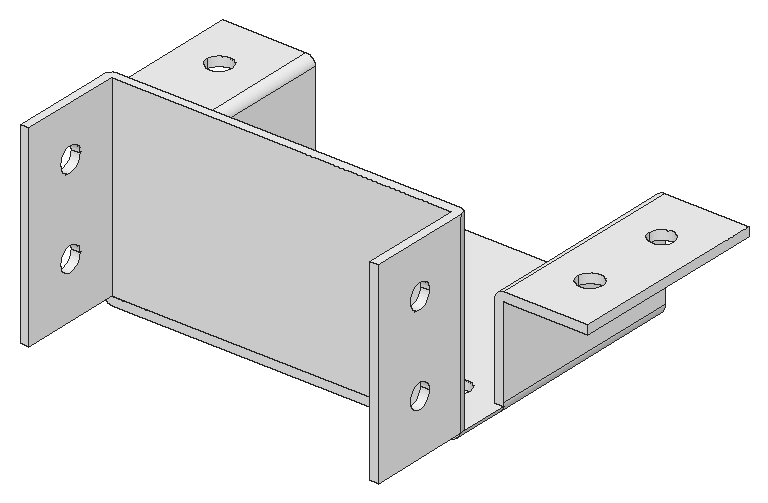
Revit family "幕張用4060連結金具", category 機械設備, Revit 2020
Family settings
  丸型コネクタ寸法 = 直径を使用
  種別 = なし
  パーツ タイプ = 標準
  作業面ベース = いいえ
  常に垂直 = はい
  ロード時にボイドで切り取り = いいえ
  共有 = いいえ
  部屋計算ポイント = いいえ
Parameters
  製造元 = "株式会社桐井製作所"
  既定の高さ = 0 mm
  URL = "https://www.kirii.co.jp/"
  K_名称 = "幕張用4060連結金具"
  K_バージョン情報 = "20230413"
Reference planes
  plane 1 "中心(正面/背面)": y = 0
  plane 2: z = 0
  plane 3 "中心(左/右)": x = 0
Forms (mm)
  Extrusion 1, solid
    sketch origin (-0.269, 0, 0) x (-1, 0, 0) y (0, -1, 0)
      loop
        line (30.231, 1.6) -> (-30.769, 1.6) -> (-30.769, 20) -> (-32.369, 20) -> (-32.369, 1.6)
        arc (-32.369, 1.6) -> (-31.9, 0.469) -> (-30.769, 0) r 1.6
        line (-30.769, 0) -> (30.231, 0)
        arc (30.231, 0) -> (31.363, 0.469) -> (31.831, 1.6) r 1.6
        line (31.831, 1.6) -> (31.831, 20) -> (30.231, 20) -> (30.231, 1.6)
    from 1.6 to 36.6
  Extrusion 2, void
    sketch origin (32.434, -22.901, -16.907) x (0, 1, 0) y (0, 0, -1)
      loop
        circle (12.101, -44.507) r 2.25
      loop
        circle (12.101, -28.507) r 2.25
    from 0.334 to 1.934
  Extrusion 3, void
    sketch origin (-30.166, -22.901, -16.907) x (0, 1, 0) y (0, 0, -1)
      loop
        circle (12.101, -44.507) r 2.25
      loop
        circle (12.101, -28.507) r 2.25
    from 0.334 to 1.934
  Extrusion 4, solid
    sketch origin (0, 0, 0) x (1, 0, 0) y (0, 0, 1)
      loop
        line (-47.1, 20) -> (-47.1, 18.4) -> (-32.1, 18.4) -> (-32.1, 9.88) -> (-32.1, 2.2)
        arc (-32.1, 2.2) -> (-31.456, 0.644) -> (-29.9, 0) r 2.2
        line (-29.9, 0) -> (29.9, 0)
        arc (29.9, 0) -> (31.456, 0.644) -> (32.1, 2.2) r 2.2
        line (32.1, 2.2) -> (32.1, 18.4) -> (47.1, 18.4) -> (47.1, 20) -> (32.1, 20)
        arc (32.1, 20) -> (30.969, 19.531) -> (30.5, 18.4) r 1.6
        line (30.5, 18.4) -> (30.5, 1.6) -> (-30.5, 1.6) -> (-30.5, 18.4)
        arc (-30.5, 18.4) -> (-30.969, 19.531) -> (-32.1, 20) r 1.6
        line (-32.1, 20) -> (-47.1, 20)
    from -44 to -8
  Extrusion 5, solid
    sketch origin (0, 0, 0) x (1, 0, 0) y (0, 0, 1)
      loop
        arc (-32.017, 1.6) -> (-31.227, 0.445) -> (-29.9, 0) r 2.2
        line (-29.9, 0) -> (29.9, 0)
        arc (29.9, 0) -> (31.227, 0.445) -> (32.017, 1.6) r 2.2
        line (32.017, 1.6) -> (-32.017, 1.6)
    from -8 to 1.6
  Extrusion 6, void
    sketch origin (0, 0, 0) x (1, 0, 0) y (0, 1, 0)
      loop
        circle (-39.6, 34) r 2.25
      loop
        circle (-39.6, 18) r 2.25
      loop
        circle (39.6, 34) r 2.25
      loop
        circle (39.6, 18) r 2.25
    from 18.4 to 20
  Extrusion 7, void
    sketch origin (0, 0, 0) x (1, 0, 0) y (0, 1, 0)
      loop
        circle (-23.5, 34) r 2.25
      loop
        circle (-23.5, 8.4) r 2.25
      loop
        circle (23.5, 34) r 2.25
      loop
        circle (23.5, 8.4) r 2.25
    from 0 to 1.6
Cuts and joins
  Extrusion 2, Extrusion 3 cuts Extrusion 1
  Extrusion 6, Extrusion 7 cuts Extrusion 4
  Extrusion 6, Extrusion 7 cuts Extrusion 5
  joined: Extrusion 4, Extrusion 5
Dimensions and locks
  aligned and locked: level to plane 2
